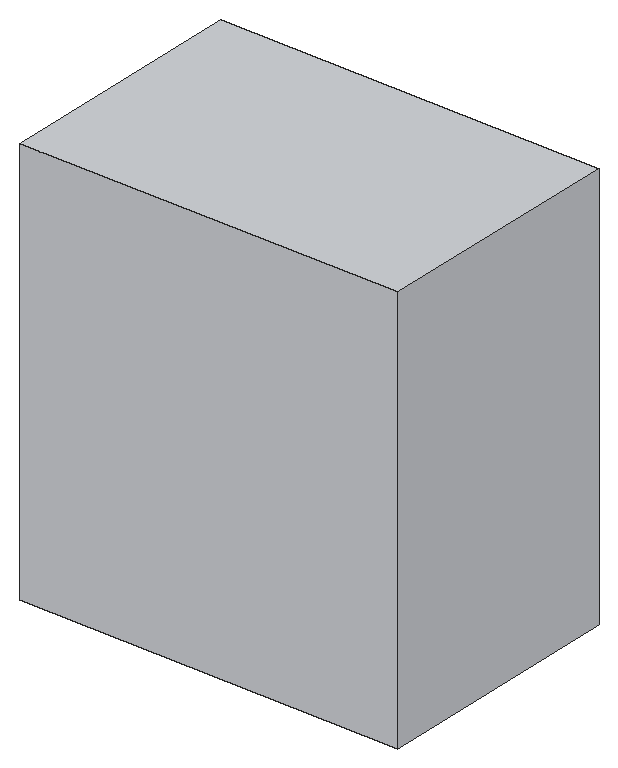
Revit family "939063f0b3fd45ce81f3f8dc5027dd2a", category Air Terminals, host Face, Revit 2021
Family settings
  Host = Face
  Round Connector Dimension = Use Diameter
  Part Type = Normal
  OmniClass Number = 23.40.40.14.21.11
  OmniClass Title = Food Service Hoods
  Seek Item ID = Grease Hood - Exhaust Only - Wall-0000-USA-ENU
  Cut with Voids When Loaded = No
  Shared = No
  Room Calculation Point = No
Parameters (values of type "Standard")
  Pressure Drop [instance] = 0.55 in-wg
  Min Flow = 0 CFM
  Max Flow = 3200 CFM
  Hood Width [instance] = 3' - 3"
  Hood Material = none
  Hood Length [instance] = 3' - 0"
  Half Hood Length [instance] = 1 / 2 * Hood Length  # 1' - 6"
  Duct Width [instance] = 6"
  Duct Height [instance] = 10"
  Default Elevation = 4' - 0"
  Air Flow [instance] = 3200 CFM
Reference planes (in)
  plane 1 "Center (Front/Back)": y = 0
  plane 2: z = 0
  plane 3 "Center (Left/Right)": x = 0
  plane 4: y = 24
  plane 5: y = 28
  plane 6: x = -18
  plane 7: x = 18
  plane 8: z = 39
  plane 9: z = 2
  plane 10: z = 12
  plane 11: x = 3
  plane 12: x = -3
Forms (in)
  Extrusion 1, solid, material <- "Hood Material"
    sketch origin (0, 0, 0) x (1, 0, 0) y (0, 1, 0)
      loop
        line (-18, 24) -> (-18, 0) -> (18, 0) -> (18, 24) -> (-18, 24)
    from 0 to 39
  Extrusion 2, solid, material <- "Hood Material"
    sketch origin (0, 0, 0) x (1, 0, 0) y (0, 0, 1)
      loop
        line (3, 12) -> (-3, 12) -> (-3, 2) -> (3, 2) -> (3, 12)
    from -28 to -24
Cuts and joins
  joined: Extrusion 1, Extrusion 2
Dimensions and locks (in)
  locked: plane 4 to plane 1 "Center (Front/Back)" at 24
  locked: plane 5 to plane 4 at 4
  equal spacing: plane 6, plane 3 "Center (Left/Right)", plane 7
  "Hood Width": plane 2 to plane 8
  equal spacing: plane 12, plane 3 "Center (Left/Right)", plane 11
  "Duct Width": plane 12 to plane 11
  locked: plane 2 to plane 9 at 2
  "Duct Height": plane 9 to plane 10
  "Half Hood Length": plane 6 to plane 3 "Center (Left/Right)"
  aligned and locked: plane 2 to host face
  aligned and locked: level to host face
  aligned and locked: plane 6 to Extrusion 1 sketch curve
  aligned and locked: Extrusion 1 sketch curve to plane 4
  aligned and locked: plane 1 "Center (Front/Back)" to Extrusion 1 sketch curve
  aligned and locked: Extrusion 1 sketch curve to plane 7
  aligned and locked: plane 8 to Extrusion 1
  aligned and locked: Extrusion 1 to plane 2
  aligned and locked: plane 11 to Extrusion 2 sketch curve
  aligned and locked: plane 10 to Extrusion 2 sketch curve
  aligned and locked: plane 9 to Extrusion 2 sketch curve
  aligned and locked: plane 12 to Extrusion 2 sketch curve
  aligned and locked: plane 5 to Extrusion 2
  aligned and locked: Extrusion 2 to plane 4
Automatic sketch dimensions
  host sketch curve to host sketch curve = 8' - 5.4195"
  host sketch curve to host sketch curve = 8' - 0"
Connectors (in)
  hvac at (0, 28, 7), driven by "Pressure Drop", driven by "Air Flow", driven by "Duct Height", driven by "Duct Width"
    settings: on Extrusion 2, index 1, duct flow 3200 CFM, flow factor 0, pres drop 0.55 in-wg, loss coef 0, conn angle 0.00°, conn width 6", conn height 10", conn diameter 24", duct sys type 3, conn prof type 1, flow config 1, flow direction 2, loss method 4, conn ref index -1, conn util no, is conn primary yes, conn desc ""
